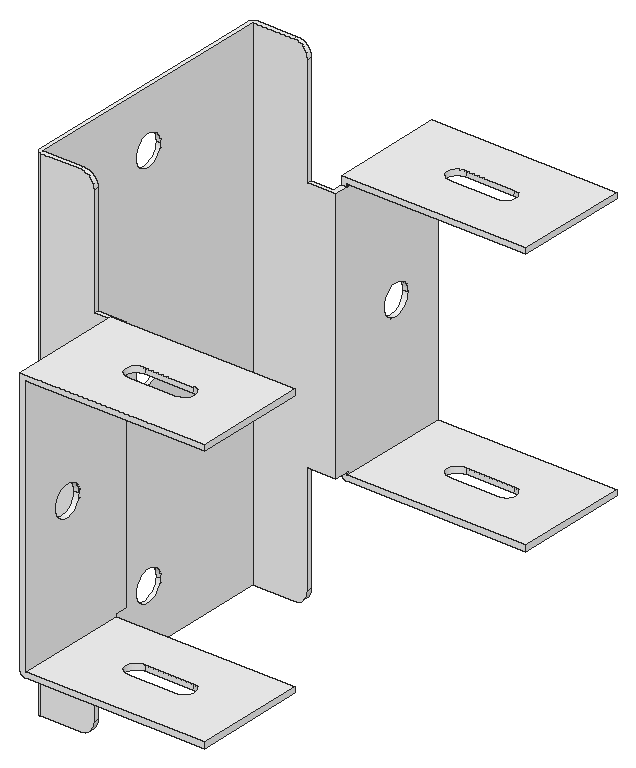
Revit family "crossclip_c38", category 機械設備, Revit 2022
Family settings
  丸型コネクタ寸法 = 直径を使用
  種別 = なし
  パーツ タイプ = 標準
  作業面ベース = いいえ
  常に垂直 = はい
  ロード時にボイドで切り取り = いいえ
  注釈の向きを維持 = いいえ
  共有 = いいえ
  部屋計算ポイント = いいえ
Parameters
  製造元 = "株式会社桐井製作所"
  既定の高さ = 0 mm
  URL = "https://www.kirii.co.jp/"
  K_品名 = "クロスクリップ(C-38用)"
  K_名称 = "下がり壁金具"
  K_入数 = "100"
  K_バージョン情報 = "20211012"
Reference planes
  plane 1 "中心(正面/背面)": y = 0
  plane 2: z = 0
  plane 3 "中心(左/右)": x = 0
Forms (mm)
  Extrusion 1, solid
    sketch origin (-6.1, 0, -36.5) x (0, 1, 0) y (-1, 0, 0)
      loop
        arc (-18.921, 0.6) -> (-19.472, 0.372) -> (-19.7, -0.178) r 0.778
        line (-19.7, -0.178) -> (-19.7, -11.2) -> (-21.2, -11.2) -> (-21.2, -12) -> (-19.1, -12) -> (-19.1, 0) -> (18.893, 0) -> (18.893, -12) -> (20.99, -12) -> (20.99, -11.2) -> (19.493, -11.2) -> (19.493, -0.18)
        arc (19.493, -0.18) -> (19.264, 0.372) -> (18.713, 0.6) r 0.78
        line (18.713, 0.6) -> (-18.921, 0.6)
    from 0 to 73
  Extrusion 2, void
    sketch origin (0, -0.104, 0) x (0, 1, 0) y (0, 0, 1)
      loop
        circle (0, 28.25) r 2.25
      loop
        circle (0, 0) r 2.25
      loop
        circle (0, -28.25) r 2.25
    from -6.7 to -6.1
  Extrusion 3, void
    sketch origin (0, 0, 0) x (1, 0, 0) y (0, 0, 1)
      loop
        line (5.9, -18.5) -> (1.795, -18.5) -> (1.795, -34.5)
        arc (1.795, -34.5) -> (1.209, -35.914) -> (-0.205, -36.5) r 2
        line (-0.205, -36.5) -> (5.9, -36.5) -> (5.9, -18.5)
    from 19.092 to 21.2
  Extrusion 4, void
    sketch origin (0, 0, 0) x (1, 0, 0) y (0, 0, 1)
      loop
        line (5.9, 18.5) -> (5.9, 36.5) -> (-0.205, 36.5)
        arc (-0.205, 36.5) -> (1.209, 35.914) -> (1.795, 34.5) r 2
        line (1.795, 34.5) -> (1.795, 18.5) -> (5.9, 18.5)
    from 19.092 to 21.2
  Extrusion 5, void
    sketch origin (0, 40.371, 0) x (1, 0, 0) y (0, 0, 1)
      loop
        line (5.9, 18.5) -> (5.9, 36.5) -> (-0.205, 36.5)
        arc (-0.205, 36.5) -> (1.209, 35.914) -> (1.795, 34.5) r 2
        line (1.795, 34.5) -> (1.795, 18.5) -> (5.9, 18.5)
    from 19.382 to 21.479
  Extrusion 6, void
    sketch origin (0, 40.371, 0) x (1, 0, 0) y (0, 0, 1)
      loop
        line (5.9, -18.5) -> (1.795, -18.5) -> (1.795, -34.5)
        arc (1.795, -34.5) -> (1.209, -35.914) -> (-0.205, -36.5) r 2
        line (-0.205, -36.5) -> (5.9, -36.5) -> (5.9, -18.5)
    from 19.382 to 21.479
  Extrusion 7, solid
    sketch origin (-218.792, -20.901, -219.767) x (1, 0, 0) y (0, 0, 1)
      loop
        line (223.892, 239.467) -> (223.892, 200.867)
        arc (223.892, 200.867) -> (224.127, 200.301) -> (224.692, 200.067) r 0.8
        line (224.692, 200.067) -> (250.627, 200.067) -> (250.627, 200.867) -> (224.692, 200.867) -> (224.692, 238.667) -> (250.629, 238.667) -> (250.629, 239.467) -> (223.892, 239.467)
    from 0 to 16.4
  Extrusion 8, solid
    sketch origin (-218.792, 20.901, -219.767) x (1, 0, 0) y (0, 0, -1)
      loop
        line (223.892, -239.467) -> (250.629, -239.467) -> (250.629, -238.667) -> (224.692, -238.667) -> (224.692, -200.867) -> (250.627, -200.867) -> (250.627, -200.067) -> (224.692, -200.067)
        arc (224.692, -200.067) -> (224.127, -200.301) -> (223.892, -200.867) r 0.8
        line (223.892, -200.867) -> (223.892, -239.467)
    from 0 to 16.4
  Extrusion 9, void
    sketch origin (0, 0, 0) x (0, 1, 0) y (0, 0, 1)
      loop
        circle (-29.776, 0) r 2.25
      loop
        circle (29.796, 0) r 2.25
    from 0 to 16.4
  Extrusion 10, void
    sketch origin (0.188, 0.563, 0) x (1, 0, 0) y (0, 1, 0)
      loop
        line (22.179, 30.038) -> (15.179, 30.038)
        arc (15.179, 30.038) -> (13.679, 28.538) -> (15.179, 27.038) r 1.5
        line (15.179, 27.038) -> (22.179, 27.038)
        arc (22.179, 27.038) -> (23.679, 28.538) -> (22.179, 30.038) r 1.5
    from 18.9 to 19.7
  Extrusion 11, void
    sketch origin (0.188, -57.639, 0) x (1, 0, 0) y (0, 1, 0)
      loop
        line (22.179, 30.038) -> (15.179, 30.038)
        arc (15.179, 30.038) -> (13.679, 28.538) -> (15.179, 27.038) r 1.5
        line (15.179, 27.038) -> (22.179, 27.038)
        arc (22.179, 27.038) -> (23.679, 28.538) -> (22.179, 30.038) r 1.5
    from 18.9 to 19.7
  Extrusion 12, void
    sketch origin (0.188, -57.639, -38.8) x (1, 0, 0) y (0, 1, 0)
      loop
        line (22.179, 30.038) -> (15.179, 30.038)
        arc (15.179, 30.038) -> (13.679, 28.538) -> (15.179, 27.038) r 1.5
        line (15.179, 27.038) -> (22.179, 27.038)
        arc (22.179, 27.038) -> (23.679, 28.538) -> (22.179, 30.038) r 1.5
    from 19.1 to 19.9
  Extrusion 13, void
    sketch origin (0.188, 0.563, -38.2) x (1, 0, 0) y (0, 1, 0)
      loop
        line (22.179, 30.038) -> (15.179, 30.038)
        arc (15.179, 30.038) -> (13.679, 28.538) -> (15.179, 27.038) r 1.5
        line (15.179, 27.038) -> (22.179, 27.038)
        arc (22.179, 27.038) -> (23.679, 28.538) -> (22.179, 30.038) r 1.5
    from 18.5 to 19.3
Cuts and joins
  Extrusion 2, Extrusion 3, Extrusion 4, Extrusion 5, Extrusion 6, Extrusion 9, Extrusion 12, Extrusion 13 cuts Extrusion 1
  Extrusion 9, Extrusion 11, Extrusion 12, Extrusion 13 cuts Extrusion 7
  Extrusion 9, Extrusion 10, Extrusion 12, Extrusion 13 cuts Extrusion 8
  joined: Extrusion 1, Extrusion 7, Extrusion 8
Dimensions and locks
  aligned and locked: level to plane 2
